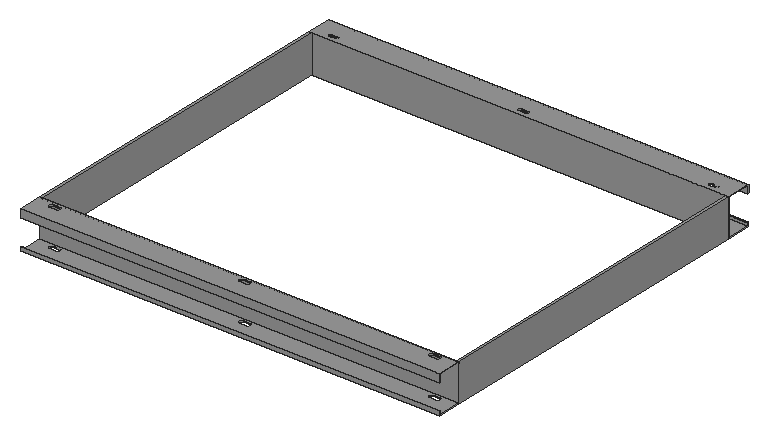
Revit family "НЕВАТОМ_Рама монтажная для ВР-280-46, Версия 1", category Оборудование, Revit 2017
Family settings
  Размер круглого соединителя = Использовать диаметр
  Тип детали = Нормальный
  На основе рабочей плоскости = Нет
  Всегда вертикально = Да
  При загрузке вырезать с полостями = Нет
  Общий = Нет
  Точка расчета площади = Нет
Parameters (values of type "Рама монтажная для ВР-280-46")
  Рама = "НЕВАТОМ_Рама монтажная для ВР-280-46"  # constant formula
  Материал = Углиродистая сталь ст.3
  t = 1.50 mm
  a = size_lookup(Рама, "a", 12.00 mm, VR)  # 24.00 mm
  VR = 8.00 mm
  Ls = Lm - 2.00 mm  # 966.00 mm
  Ln = Lh - 15.00 mm  # 1265.00 mm
  Lm = size_lookup(Рама, "Lm", 183.00 mm, VR)  # 968.00 mm
  Lh = size_lookup(Рама, "Lh", 390.00 mm, VR)  # 1280.00 mm
  Ld1 = 20.00 mm  # constant formula
  Ld = Lh - 100.00 mm  # 1180.00 mm
  L = size_lookup(Рама, "L", 65.00 mm, VR)  # 115.00 mm
  H1 = H - 1.00 mm  # 74.00 mm
  H = size_lookup(Рама, "H", 42.00 mm, VR)  # 75.00 mm
  D = size_lookup(Рама, "D", 10.00 mm, VR)  # 15.00 mm
  C = size_lookup(Рама, "C", 220.00 mm, VR)  # 1028.00 mm
  ADSK_Примечание = ""
  ADSK_Обозначение = ""
  ADSK_Наименование = size_lookup(Рама, "", "Рама монтажная для ВР-280-46-2.0", VR)  # "Монтажная рама для ВР-280-46-8.0"
  ADSK_Масса = size_lookup(Рама, "M", 3.32, VR)  # 40.8
  ADSK_Марка = ADSK_Наименование  # "Монтажная рама для ВР-280-46-8.0"
  ADSK_Количество = 1  # constant formula
  ADSK_Код изделия = ""
  ADSK_Завод-изготовитель = "НЕВАТОМ"
  ADSK_Единица измерения = "шт."
Reference planes
  plane 1 "По центру (Вперед/Назад)": y = 0
  plane 2: z = 0
  plane 3 "По центру (Влево/Вправо)": x = 0
  plane 4: x = 640
  plane 5: x = -640
  plane 6: y = 514
  plane 7: y = -514
  plane 8: y = 589
  plane 9: y = 589
  plane 10: z = 115
  plane 11: z = 91
  plane 12: y = 589.5
  plane 13: y = 588
  plane 14: y = -589
  plane 15: y = -588
  plane 16: z = 115
  plane 17: y = -589
  plane 18: z = 91
  plane 19: x = -632.5
  plane 20: x = 632.5
  plane 21: y = 55
  plane 22: y = -55
Forms (mm)
  Extrusion 1, solid, material "Углиродистая сталь ст.3" <- "Материал"
    sketch origin (0, 0, 0) x (1, 0, 0) y (0, 1, 0)
      loop
        line (-640, 514) -> (-640, -514) -> (640, -514) -> (640, 514) -> (-640, 514)
    from 0 to 115 <- "L"
  Extrusion 2, solid, material "Углиродистая сталь ст.3" <- "Материал"
    sketch origin (0, 0, 0) x (0, 1, 0) y (0, 0, 1)
      loop
        line (589.5, 91) -> (589.5, 115) -> (514, 115) -> (514, 0) -> (589, 0) -> (589, 11.968) -> (587.451, 11.968) -> (587.451, 1.497) -> (515.48, 1.497) -> (515.48, 113.503) -> (588, 113.503) -> (588, 91) -> (589.5, 91)
      loop
        line (-589, 91) -> (-588, 91) -> (-588, 113.503) -> (-515.48, 113.503) -> (-515.48, 1.497) -> (-587.451, 1.497) -> (-587.451, 11.968) -> (-589, 11.968) -> (-589, 0) -> (-514, 0) -> (-514, 115) -> (-589, 115) -> (-589, 91)
    from -640 to 640
  Extrusion 3, void
    sketch origin (0, 0, 0) x (1, 0, 0) y (0, 1, 0)
      loop
        line (-632.5, 514) -> (-632.5, -514) -> (632.5, -514) -> (632.5, 514) -> (-632.5, 514)
    from 0 to 115
  Extrusion 4, void
    sketch origin (0, 0, 0) x (1, 0, 0) y (0, 1, 0)
      loop
        arc (-590, 537.5) -> (-595, 532.5) -> (-590, 527.5) r 5
        line (-590, 527.5) -> (-570, 527.5)
        arc (-570, 527.5) -> (-565, 532.5) -> (-570, 537.5) r 5
        line (-570, 537.5) -> (-590, 537.5)
      loop
        line (-10.321, 527.5) -> (9.679, 527.5)
        arc (9.679, 527.5) -> (14.679, 532.5) -> (9.679, 537.5) r 5
        line (9.679, 537.5) -> (-10.321, 537.5)
        arc (-10.321, 537.5) -> (-15.321, 532.5) -> (-10.321, 527.5) r 5
      loop
        arc (570, 537.5) -> (565, 532.5) -> (570, 527.5) r 5
        line (570, 527.5) -> (590, 527.5)
        arc (590, 527.5) -> (595, 532.5) -> (590, 537.5) r 5
        line (590, 537.5) -> (570, 537.5)
      loop
        arc (590, -539.5) -> (597.5, -532) -> (590, -524.5) r 7.5
        line (590, -524.5) -> (570, -524.5)
        arc (570, -524.5) -> (562.5, -532) -> (570, -539.5) r 7.5
        line (570, -539.5) -> (590, -539.5)
      loop
        arc (-10.321, -524.5) -> (-17.821, -532) -> (-10.321, -539.5) r 7.5
        line (-10.321, -539.5) -> (9.679, -539.5)
        arc (9.679, -539.5) -> (17.179, -532) -> (9.679, -524.5) r 7.5
        line (9.679, -524.5) -> (-10.321, -524.5)
      loop
        arc (-590, -524.5) -> (-597.5, -532) -> (-590, -539.5) r 7.5
        line (-590, -539.5) -> (-570, -539.5)
        arc (-570, -539.5) -> (-562.5, -532) -> (-570, -524.5) r 7.5
        line (-570, -524.5) -> (-590, -524.5)
    from 0 to 250
Cuts and joins
  Extrusion 3 cuts Extrusion 1
  Extrusion 4 cuts Extrusion 2
Lines and regions (mm)
  reference lines
    curve 1: line (640, -514, 0) -> (640, 514, 0)
    curve 2: line (640, 514, 0) -> (-640, 514, 0)
    curve 3: line (-640, 514, 0) -> (-640, -514, 0)
    curve 4: line (-640, -514, 0) -> (640, -514, 0)
    curve 5: line (0, 514, 115) -> (0, 589.5, 115)
    curve 6: line (0, 589.5, 115) -> (0, 589.5, 91)
    curve 7: line (0, 589.5, 91) -> (0, 588, 91)
    curve 8: line (0, 588, 91) -> (0, 588, 113.503)
    curve 9: line (0, 588, 113.503) -> (0, 515.48, 113.503)
    curve 10: line (0, 514, 115) -> (0, 514, 0)
    curve 11: line (0, 514, 0) -> (0, 589, 0)
    curve 12: line (0, 589, 0) -> (0, 589, 11.968)
    curve 13: line (0, 589, 11.968) -> (0, 587.451, 11.968)
    curve 14: line (0, 587.451, 11.968) -> (0, 587.451, 1.497)
    curve 15: line (0, 587.451, 1.497) -> (0, 515.48, 1.497)
    curve 16: line (0, 515.48, 1.497) -> (0, 515.48, 113.503)
    curve 17: line (640, -514, 0) -> (-640, -514, 0)
    curve 18: line (0, -514, 115) -> (0, -589, 115)
    curve 19: line (0, -589, 115) -> (0, -589, 91)
    curve 20: line (0, -589, 91) -> (0, -588, 91)
    curve 21: line (0, -588, 91) -> (0, -588, 113.503)
    curve 22: line (0, -588, 113.503) -> (0, -515.48, 113.503)
    curve 23: line (0, -514, 115) -> (0, -514, 0)
    curve 24: line (0, -514, 0) -> (0, -589, 0)
    curve 25: line (0, -589, 0) -> (0, -589, 11.968)
    curve 26: line (0, -589, 11.968) -> (0, -587.451, 11.968)
    curve 27: line (0, -587.451, 11.968) -> (0, -587.451, 1.497)
    curve 28: line (0, -587.451, 1.497) -> (0, -515.48, 1.497)
    curve 29: line (0, -515.48, 1.497) -> (0, -515.48, 113.503)
    curve 30: line (632.5, 55, 0) -> (-632.5, 55, 0)
    curve 31: line (-632.5, 55, 0) -> (-632.5, -55, 0)
    curve 32: line (-632.5, -55, 0) -> (632.5, -55, 0)
    curve 33: line (632.5, -55, 0) -> (632.5, 55, 0)
    curve 34: line (-640, -589.25, 0) -> (640, -589.25, 0)
    curve 35: line (640, 589.25, 0) -> (-640, 589.25, 0)
    curve 36: arc (-590, -524.5, 0) -> (-597.5, -532, 0) -> (-590, -539.5, 0) r 7.5
    curve 37: arc (-570, -539.5, 0) -> (-562.5, -532, 0) -> (-570, -524.5, 0) r 7.5
    curve 38: line (-590, -524.5, 0) -> (-570, -524.5, 0)
    curve 39: line (-590, -539.5, 0) -> (-570, -539.5, 0)
    curve 40: arc (590, -524.5, 0) -> (597.5, -532, 0) -> (590, -539.5, 0) r 7.5
    curve 41: arc (570, -539.5, 0) -> (562.5, -532, 0) -> (570, -524.5, 0) r 7.5
    curve 42: line (590, -524.5, 0) -> (570, -524.5, 0)
    curve 43: line (590, -539.5, 0) -> (570, -539.5, 0)
    curve 44: arc (-10.321, -524.5, 0) -> (-17.821, -532, 0) -> (-10.321, -539.5, 0) r 7.5
    curve 45: arc (9.679, -539.5, 0) -> (17.179, -532, 0) -> (9.679, -524.5, 0) r 7.5
    curve 46: line (-10.321, -524.5, 0) -> (9.679, -524.5, 0)
    curve 47: line (-10.321, -539.5, 0) -> (9.679, -539.5, 0)
    curve 48: arc (-590, 527.5, 0) -> (-597.5, 535, 0) -> (-590, 542.5, 0) r 7.5
    curve 49: arc (-570, 542.5, 0) -> (-562.5, 535, 0) -> (-570, 527.5, 0) r 7.5
    curve 50: line (-590, 527.5, 0) -> (-570, 527.5, 0)
    curve 51: line (-590, 542.5, 0) -> (-570, 542.5, 0)
    curve 52: arc (590, 527.5, 0) -> (597.5, 535, 0) -> (590, 542.5, 0) r 7.5
    curve 53: arc (570, 542.5, 0) -> (562.5, 535, 0) -> (570, 527.5, 0) r 7.5
    curve 54: line (590, 527.5, 0) -> (570, 527.5, 0)
    curve 55: line (590, 542.5, 0) -> (570, 542.5, 0)
    curve 56: arc (-10.321, 527.5, 0) -> (-17.821, 535, 0) -> (-10.321, 542.5, 0) r 7.5
    curve 57: arc (9.679, 542.5, 0) -> (17.179, 535, 0) -> (9.679, 527.5, 0) r 7.5
    curve 58: line (-10.321, 527.5, 0) -> (9.679, 527.5, 0)
    curve 59: line (-10.321, 542.5, 0) -> (9.679, 542.5, 0)
Dimensions and locks
  equal spacing: plane 5, plane 3 "По центру (Влево/Вправо)", plane 4
  "Lh": plane 5 to plane 4
  equal spacing: plane 6, plane 1 "По центру (Вперед/Назад)", plane 7
  "H": plane 8 to plane 6
  "H": plane 9 to plane 6
  "t": plane 12 to plane 13
  "a": plane 10 to plane 11
  "H1": plane 13 to plane 6
  "L": plane 10 to level
  "H1": plane 7 to plane 15
  "H": plane 7 to plane 14
  "a": plane 16 to plane 18
  plane 15 to plane 14 = 1.00 mm
  "H": plane 7 to plane 17
  "L": plane 16 to level
  equal spacing: plane 21, plane 1 "По центру (Вперед/Назад)", plane 22
  equal spacing: plane 19, plane 3 "По центру (Влево/Вправо)", plane 20
  "Ln": plane 19 to plane 20
  equal spacing: curve 35, plane 1 "По центру (Вперед/Назад)", curve 34
  equal spacing: curve 48, curve 5, curve 52
  "Ld": curve 48 to curve 52
  "Ld1": curve 48 to curve 49
  "Ld1": curve 53 to curve 52
  "Ld1": curve 56 to curve 57
  "Ld1": curve 36 to curve 37
  "Ld1": curve 44 to curve 45
  "Ld1": curve 41 to curve 40
  "Ld": curve 36 to curve 40
  equal spacing: curve 36, plane 3 "По центру (Влево/Вправо)", curve 40
  "C": plane 6 to plane 7
  "D": diameter of curve 48
  "D": diameter of curve 49
  "D": diameter of curve 57
  "D": diameter of curve 56
  "D": diameter of curve 53
  "D": diameter of curve 52
  "D": diameter of curve 36
  "D": diameter of curve 37
  "D": diameter of curve 44
  "D": diameter of curve 45
  "D": diameter of curve 41
  "D": diameter of curve 40
  aligned and locked: level to plane 2
  aligned and locked: curve 2 to plane 6
  aligned and locked: plane 5 to curve 3
  aligned and locked: plane 7 to curve 4
  aligned and locked: curve 1 to plane 4
  aligned and locked: Extrusion 1 sketch curve to curve 3
  aligned and locked: Extrusion 1 sketch curve to curve 1
  aligned and locked: plane 9 to curve 12
  aligned and locked: plane 10 to curve 5
  aligned and locked: plane 11 to curve 7
  aligned and locked: plane 12 to curve 6
  aligned and locked: plane 13 to curve 8
  aligned and locked: plane 14 to curve 19
  aligned and locked: plane 15 to curve 21
  aligned and locked: curve 18 to plane 16
  aligned and locked: plane 17 to curve 25
  aligned and locked: curve 20 to plane 18
  aligned and locked: Extrusion 2 sketch curve to curve 6
  aligned and locked: Extrusion 2 sketch curve to curve 8
  aligned and locked: Extrusion 2 sketch curve to curve 9
  aligned and locked: Extrusion 2 sketch curve to curve 16
  aligned and locked: curve 10 to Extrusion 2 sketch curve
  aligned and locked: Extrusion 2 sketch curve to curve 15
  aligned and locked: Extrusion 2 sketch curve to curve 11
  aligned and locked: Extrusion 2 sketch curve to curve 12
  aligned and locked: Extrusion 2 sketch curve to curve 20
  aligned and locked: Extrusion 2 sketch curve to curve 19
  aligned and locked: plane 15 to Extrusion 2 sketch curve
  aligned and locked: Extrusion 2 sketch curve to curve 28
  aligned and locked: Extrusion 2 sketch curve to curve 25
  aligned and locked: Extrusion 2 to curve 2
  aligned and locked: Extrusion 2 to curve 1
  aligned and locked: curve 30 to plane 21
  aligned and locked: plane 19 to curve 31
  aligned and locked: plane 22 to curve 32
  aligned and locked: plane 20 to curve 33
  aligned and locked: Extrusion 3 sketch curve to curve 31
  aligned and locked: Extrusion 3 sketch curve to curve 33
  aligned and locked: Extrusion 4 sketch curve to curve 42
  aligned and locked: curve 43 to Extrusion 4 sketch curve
  aligned and locked: Extrusion 4 sketch curve to curve 43
  aligned and locked: Extrusion 4 sketch curve to curve 46
  aligned and locked: Extrusion 4 sketch curve to curve 47
  aligned and locked: Extrusion 4 sketch curve to curve 38
  aligned and locked: Extrusion 4 sketch curve to curve 39
  aligned and locked: cut or joined group of Extrusion 2, Extrusion 4 to Extrusion 3 sketch curve  (x2)
  aligned and locked: Extrusion 1 sketch curve to cut or joined group of Extrusion 2, Extrusion 4  (x2)
  aligned and locked: Extrusion 3 to Extrusion 1
Automatic sketch dimensions
  curve 24 to level = 0.00 mm
  curve 23 to plane 7 = 0.00 mm
  curve 10 to level = 0.00 mm
  curve 10 to plane 6 = 0.00 mm
  curve 22 to plane 7 = 1.48 mm
  level to curve 28 = 1.497 mm
  curve 26 to curve 26 = 1.549 mm
  plane 6 to curve 9 = 1.48 mm
  level to curve 14 = 11.968 mm
  curve 14 to curve 11 = 1.549 mm
  level to curve 14 = 1.497 mm
  curve 27 to curve 25 = 10.471 mm
  curve 9 to curve 10 = 1.497 mm
  curve 22 to plane 10 = 1.497 mm
  Extrusion 2 sketch curve to plane 7 = 0.00 mm
  Extrusion 2 sketch curve to level = 0.00 mm
  Extrusion 2 sketch curve to plane 11 = 0.00 mm
  Extrusion 2 sketch curve to plane 10 = 0.00 mm  (x2)
  Extrusion 2 sketch curve to plane 15 = 0.549 mm
  Extrusion 2 sketch curve to plane 7 = 1.48 mm
  plane 13 to Extrusion 2 sketch curve = 0.549 mm
  Extrusion 2 sketch curve to Extrusion 2 sketch curve = 10.471 mm  (x2)
  Extrusion 2 sketch curve to plane 10 = 1.497 mm
  plane 19 to Extrusion 4 sketch curve = 42.50 mm  (x2)
  Extrusion 4 sketch curve to Extrusion 4 sketch curve = 20.00 mm  (x4)
  Extrusion 4 sketch curve to plane 3 "По центру (Влево/Вправо)" = 10.321 mm  (x2)
  plane 3 "По центру (Влево/Вправо)" to Extrusion 4 sketch curve = 9.679 mm  (x2)
  Extrusion 4 sketch curve to plane 20 = 62.50 mm  (x2)
  plane 6 to Extrusion 4 sketch curve = 18.50 mm
  Extrusion 4 sketch curve to Extrusion 4 sketch curve = 5.00 mm  (x3)
  plane 6 to Extrusion 4 sketch curve = 13.50 mm  (x2)
  curve 35 to plane 5 = 0.00 mm
  curve 34 to plane 5 = 0.00 mm
  curve 34 to plane 4 = 0.00 mm
  curve 35 to plane 4 = 0.00 mm
  curve 46 to plane 3 "По центру (Влево/Вправо)" = 10.321 mm
  curve 59 to plane 3 "По центру (Влево/Вправо)" = 10.321 mm
  curve 38 to plane 7 = 10.50 mm
  curve 42 to plane 7 = 10.50 mm
  curve 46 to plane 7 = 10.50 mm
  plane 6 to curve 50 = 13.50 mm
  plane 6 to curve 58 = 13.50 mm
  plane 6 to curve 54 = 13.50 mm
  plane 14 to curve 34 = 0.25 mm
